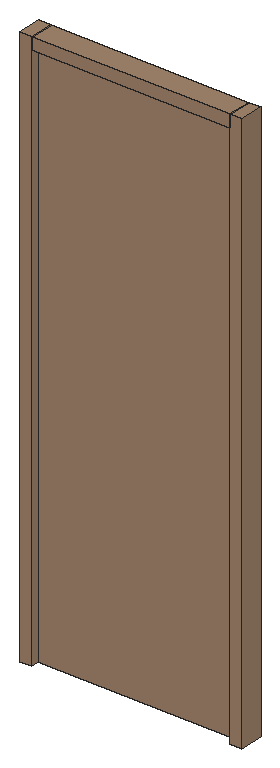
Revit family "LC Door-920x2340 - A11", category Doors, host Wall, Revit 2027
Family settings
  Host = Wall
  Always vertical = Yes
  Cut with Voids When Loaded = No
  Shared = No
  Room Calculation Point = No
Parameters (values of type "A11 nominal size")
  Function = Interior
  Frame Projection Ext. = 25 mm
  Frame Projection Int. = 25 mm
  Frame Width = 75 mm
  Height = 2340 mm  # constant formula
  Wall Closure = By host
  Width = 920 mm  # constant formula
  Description = "A07/A08 position, A11 overall sizes. Frame50x100 and glazing6mm are visual coordination profiles; manufacturer sections/glazing specification pending. Panel divisions follow schedule appearance, undimensioned divisions provisional."
Reference planes
  plane 1: y = 0
  plane 2 "Center (Left/Right)": x = 0
  plane 3 "Left": x = -460
  plane 4 "Right": x = 460
  plane 5: z = 2340
  plane 6 "Exterior": y = 75
  plane 7 "Interior": y = -75
Forms (mm)
  Extrusion 1, solid, material "LC Door timber - selected finish pending"
    sketch origin (0, 0, 0) x (1, 0, 0) y (0, 1, 0)
      loop
        line (-460, -50) -> (-410, -50) -> (-410, 50) -> (-460, 50) -> (-460, -50)
    from 0 to 2340
  Extrusion 2, solid, material "LC Door timber - selected finish pending"
    sketch origin (0, 0, 0) x (1, 0, 0) y (0, 1, 0)
      loop
        line (410, -50) -> (460, -50) -> (460, 50) -> (410, 50) -> (410, -50)
    from 0 to 2340
  Extrusion 3, solid, material "LC Door timber - selected finish pending"
    sketch origin (0, 0, 0) x (1, 0, 0) y (0, 1, 0)
      loop
        line (-410, -50) -> (410, -50) -> (410, 50) -> (-410, 50) -> (-410, -50)
    from 2290 to 2340
  Extrusion 4, solid, material "LC Door timber - selected finish pending"
    sketch origin (0, 0, 0) x (1, 0, 0) y (0, 1, 0)
      loop
        line (-408, -20) -> (408, -20) -> (408, 20) -> (-408, 20) -> (-408, -20)
    from 4 to 2290
Lines and regions (mm)
  Opening 1
    outline origin (-3050, -75, 0) x (1, 0, 0) y (0, 0, 1)
      loop
        line (2590, 0) -> (3510, 0) -> (3510, 2340) -> (2590, 2340) -> (2590, 0)
  symbolic lines, style "Elevation Swing"
    curve 1: line (460, -75, 1170) -> (-460, -75, 2340)
    curve 2: line (460, -75, 1170) -> (-460, -75, 0)
Text (mm)
  text "Exterior" at (-1376.75, 1099.543, 0), in view "Ref. Level"
  text "Exterior" at (0, 1615.38, 3698.081), in view "Left"
  text "Exterior" at (0, 1036.032, 3874.932), in view "Right"
Dimensions and locks
  equal spacing: plane 3 "Left", plane 2 "Center (Left/Right)", plane 4 "Right"
  "Width": plane 3 "Left" to plane 4 "Right"
  "Height": plane 5 to host wall
  equal spacing: host wall, curve 2, plane 5
  host wall to plane 5 = 2340 mm
  locked: plane 6 "Exterior" to host wall
  locked: plane 7 "Interior" to host wall
  aligned and locked: plane 3 "Left" to Opening 1 sketch curve
  aligned and locked: plane 5 to Opening 1 sketch curve  (x2)
  aligned and locked: Opening 1 sketch curve to plane 4 "Right"
  aligned and locked: Opening 1 sketch curve to level
  aligned and locked: plane 5 to curve 1
  aligned and locked: plane 3 "Left" to curve 2
  aligned and locked: plane 1 to host wall
  aligned and locked: plane 3 "Left" to curve 1
Automatic sketch dimensions
  plane 4 "Right" to curve 2 = 0 mm
  curve 2 to level = 0 mm
  Extrusion 1 sketch curve to plane 3 "Left" = 0 mm
  Extrusion 1 sketch curve to host wall = 25 mm  (x2)
  Extrusion 1 sketch curve to Extrusion 1 sketch curve = 50 mm
  Extrusion 2 sketch curve to plane 4 "Right" = 0 mm
  Extrusion 2 sketch curve to host wall = 25 mm  (x2)
  plane 4 "Right" to Extrusion 2 sketch curve = 50 mm
  Extrusion 3 sketch curve to host wall = 25 mm  (x2)
  Extrusion 3 sketch curve to plane 3 "Left" = 50 mm
  plane 4 "Right" to Extrusion 3 sketch curve = 50 mm
  host wall to Extrusion 4 sketch curve = 20 mm
  Extrusion 4 sketch curve to plane 3 "Left" = 52 mm
  Extrusion 4 sketch curve to host wall = 20 mm
  plane 4 "Right" to Extrusion 4 sketch curve = 52 mm
